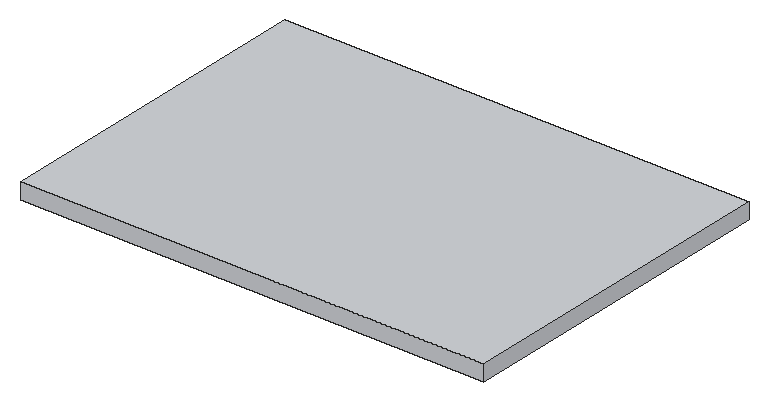
Revit family "105 ECO - LM", category Aparatos sanitarios, Revit 2016
Family settings
  Anfitrión = Cara
  Tipo de pieza = Normal
  Cota de conector redondo = Diámetro de uso
  Número OmniClass = 23.45.05.14.14
  Título OmniClass = Sinks/Lavatories
  Corte con vacíos al cargar = No
  Compartido = No
  Punto de cálculo de habitación = No
Parameters
  WFU = 0
  URL = "http://www.prestoiberica.com"
  Sistema = "AFS / ACS"
  Referencia = "10920"
  Peso = 0.86 kg
  Notas de suministro = "Suministrado con brida, latiguillos flexibles en acero inoxidable de ½” y 350 mm, 2 llaves de paso y juntas."
  Modelo = "PRESTO 105 ECO - LM"
  Material = Latón, cromado
  HWFU = 1
  Fabricante = "PRESTO IBÉRICA"
  Email = "info@prestoiberica.com"
  Teléfono = "+34 915 782 575"
  Default Elevation = 48"
  Diámetro entrada = 1/2"
  Descripción = "Selección de temperatura por maneta lateral. Cuerpo y pulsador en latón cromado, piezas interiores en materiales resistentes a la corrosión e incrustaciones calcáreas."
  Código de montaje = "D2020"
  Comentarios de tipo = "Cabeza intercambiable que comprende todo el mecanismo del grifo. Válvulas antirretorno incorporadas que impiden la intercomunicación de agua fría y caliente."
  Cierre = "10 seg."
  Caudal = 2.0 L/min
  CWFU = 1
  Accionamiento = "Por pulsador"
Reference planes (in)
  plane 1 "Centro (Frontal/Posterior)": y = 0
  plane 2: z = 0
  plane 3 "Centro (Izquierda/Derecha)": x = 0
Forms (in)
  Extrusion 1, solid
    sketch origin (0, 0, 0) x (1, 0, 0) y (0, 1, 0)
      loop
        line (-6.44299, 4.74141) -> (-6.44299, -4.80498) -> (6.97478, -4.80498) -> (6.97478, 4.74141) -> (-6.44299, 4.74141)
    from 0 to -0.46774
Dimensions and locks (in)
  aligned and locked: plane 2 to Extrusion 1
  aligned and locked: level to Extrusion 1
Connectors (in)
  piping at (-0.25591, -0.37399, 0), diameter 0.5, driven by "Caudal", driven by "Diámetro entrada"
    settings: on import instance, index 1, connector inside diameter 609.6 mm, connector length 0", flow factor 0, pipe flow 2.0 L/min, pressure drop 0.0 Pa, fitting loss kfactor 0, connector angle 0.00°, fixture units 0, engagement length 0", angle of deflection 0.00°, flow configuration 0, flow direction 1, fitting loss method 0, system type 19, joint type 0, gender type 0, connector reference index -1, connector utility 0, adjustable connector no, is connector primary yes, connector description ""
  piping at (0.25591, -0.37399, 0), diameter 0.5, driven by "Caudal", driven by "Diámetro entrada"
    settings: on import instance, index 2, connector inside diameter 609.6 mm, connector length 0", flow factor 0, pipe flow 2.0 L/min, pressure drop 0.0 Pa, fitting loss kfactor 0, connector angle 0.00°, fixture units 0, engagement length 0", angle of deflection 0.00°, flow configuration 0, flow direction 1, fitting loss method 0, system type 20, joint type 0, gender type 0, connector reference index -1, connector utility 0, adjustable connector no, is connector primary no, connector description ""
